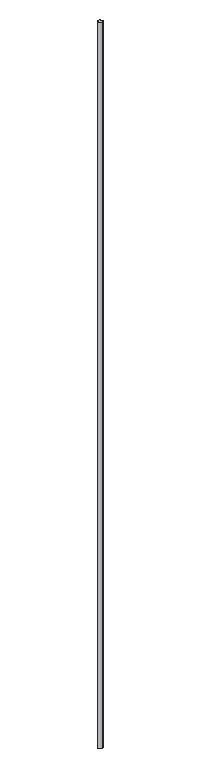
Revit family "ThreadedRod", category Specialty Equipment, Revit 2019
Family settings
  Round Connector Dimension = Use Diameter
  Part Type = Normal
  Work Plane-Based = No
  Always vertical = Yes
  Cut with Voids When Loaded = No
  Shared = No
  Room Calculation Point = No
Parameters
  Rod Lenght [instance] = Rod Extension + Distance to Top  # 1450 mm
  Rod Extension [instance] = 50 mm
  Rod Diameter [instance] = 10 mm
  Model = "M10"
  Distance to Top [instance] = 1400 mm
  Description = "THREADED ROD"
Reference planes
  plane 1 "Center (Front/Back)": y = 0
  plane 2: z = 0
  plane 3 "Center (Left/Right)": x = 0
  plane 4: z = 1400
  plane 5: z = -50
Forms (mm)
  Sweep 1, solid
    path in 3D
      loop
        line (0, 0, 1400) -> (0, 0, -50)
    profile "RoundProfile : RoundProfile" origin (0, 0, 675) x (1, 0, 0) y (0, -1, 0)
      loop
        circle (0, -5) r 5
Lines and regions (mm)
  reference lines
    curve 1: line (0, 0, 1400) -> (0, 0, -50)
  sketch lines
    curve 2: line (0, 0, 1400) -> (0, 0, -50)
Dimensions and locks
  "Rod Extension": level to plane 5
  "Distance to Top": plane 4 to level
  aligned and locked: level to plane 2
  aligned and locked: plane 5 to curve 1
  aligned and locked: plane 4 to curve 1
Automatic sketch dimensions
  curve 1 to plane 3 "Center (Left/Right)" = 0 mm
